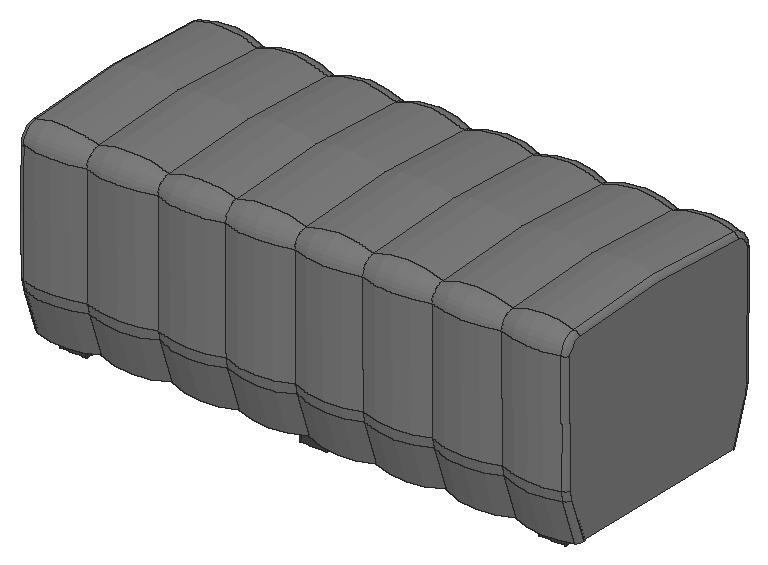
Revit family "Chair-Soft_Seating-Allermuir-Haven_Bench-HAB100", category Furniture, Revit 2012
Parameters (values of type "HAB100")
  ecoScorecard_data = "http://thesenatorgroup.ecoscorecard.com/product/HAB100"
  ecoScorecard Product Page = "http://products.ecoscorecard.com/allermuir/HAB100?action=html"
  Width = 0"
  Weight = 0.0 lbf
  Upholstered Seat = "No"
  Upholstered Back = "No"
  URL = "http://www.allermuir.net/Default.aspx"
  Subcategory = "Soft Seating"  # constant formula
  Stacks = no
  Specifications URL = ""
  Seat or Top = Fabric - Allermuir - Silcoates
  Product Page URL = "http://www.allermuir.net/Products.aspx?RangeId=495"
  Product Line = "Haven Bench"  # constant formula
  Pricing URL = ""
  Plugin Data URL = "http://products.ecoscorecard.com/thesenatorgroup/HAB100"
  Plastic Arms in Black = "No"
  Model = "HAB100"  # constant formula
  Manufacturer Phone - Toll Free = "(888) 887 5806"  # constant formula
  Manufacturer Phone = "(419) 887 5806"  # constant formula
  Manufacturer Fax = "(419) 887 5805"  # constant formula
  Manufacturer Email = "mailto:contact@allermuir-na.com"
  Manufacturer Address = "1630 Holland Road, Maumee, Ohio 43537 "  # constant formula
  Manufacturer = "Allermuir"  # constant formula
  LEED Stats URL = ""
  Height = 0"
  Fabric Spec Sheets = "http://www.allermuir.net/Services/File.ashx?Type=B&Id=51"
  Description = ""
  Depth = 0"
  Color Availability = "See price list for material options"  # constant formula
  CAD Blocks URL = ""
  Brochure URL = ""
  Base = Plastic - Allermuir - Black
  Assembly Code = "E2020200"
  95 CSI = "12510"  # constant formula
  04 CSI = "12 51 00"  # constant formula
Reference planes (in)
  plane 1 "Center Front/Back": y = 0
  plane 2: z = 0
  plane 3 "Center Left/Right": x = 0
  plane 4: z = 18.35938
  plane 5: y = 10.69473
  plane 6: y = -10.69473
  plane 7: x = -23.59363
  plane 8: x = 23.59363
Dimensions and locks (in)
  plane 4 to level = 18 23/64"
  equal spacing: plane 5, plane 1 "Center Front/Back", plane 6
  plane 5 to plane 6 = 21.38946"
  equal spacing: plane 7, plane 3 "Center Left/Right", plane 8
  plane 7 to plane 8 = 47.18726"
  aligned and locked: plane 3 "Center Left/Right" to nested 1
  aligned and locked: plane 1 "Center Front/Back" to nested 1
  aligned and locked: plane 4 to nested 1
Nested families (in)
  nested 1: "HAB100" at (0, 0, 0), type "HAB100"
Definition of nested family "HAB100"
  Parameters (values of type "HAB100")
    URL = "http://www.allermuir.net/Default.aspx"
    Side Stand = none
    Seat = Fabric - Allermuir - Silcoates
    Model = ""
    Manufacturer = "Allermuir"  # constant formula
    Stand = Plastic - Allermuir - Black
    Description = ""
    Assembly Code = "E2020200"
  Reference planes (in)
    plane 1 "Center Front/Back": y = 0
    plane 2: z = 0
    plane 3 "Center Left/Right": x = 0
    plane 4: y = 10.69473
    plane 5: y = -10.69473
    plane 6: z = 18.35938
    plane 7: x = -23.59363
    plane 8: x = 23.59363
  Forms (in)
    Sweep 1, solid, material "Fabric - Allermuir - Silcoates" <- "Seat"
      path origin (0, 0, 0) x (0, 1, 0) y (0, 0, 1)
        loop
          arc (8.814, 0.8031) -> (9.50813, 2.70296) -> (10.13399, 4.6264) r 56.64354
          arc (10.13399, 4.6264) -> (10.25253, 5.09355) -> (10.32555, 5.56994) r 5
          arc (10.32555, 5.56994) -> (10.61327, 10.83959) -> (10.38059, 16.11195) r 53.52058
          arc (10.38059, 16.11195) -> (9.81768, 17.32528) -> (8.61591, 17.91249) r 2
          arc (8.61591, 17.91249) -> (-0.00186, 18.3998) -> (-8.61907, 17.90269) r 75.68169
          arc (-8.61907, 17.90269) -> (-9.8195, 17.31479) -> (-10.38152, 16.10203) r 2
          arc (-10.38152, 16.10203) -> (-10.61324, 10.83461) -> (-10.32555, 5.56994) r 53.52058
          arc (-10.32555, 5.56994) -> (-10.25253, 5.09355) -> (-10.13399, 4.6264) r 5
          arc (-10.13399, 4.6264) -> (-9.50813, 2.70296) -> (-8.814, 0.8031) r 56.64354
      profile origin (0, -0.00186, 18.3998) x (0, 0.000569, -1) y (1, 0, 0)
        loop
          arc (0.41163, -23.15625) -> (0.57317, -23.42708) -> (0.84094, -23.59363) r 0.66797
          line (0.84094, -23.59363) -> (0.84094, 23.59363)
          arc (0.84094, 23.59363) -> (0.5612, 23.42663) -> (0.39399, 23.14702) r 0.66669
          arc (0.39399, 23.14702) -> (0.05221, 20.48428) -> (0.58881, 17.85386) r 8.19934
          arc (0.58881, 17.85386) -> (0.04726, 14.82271) -> (0.66197, 11.80553) r 8.19934
          arc (0.66197, 11.80553) -> (0.04855, 8.86509) -> (0.53527, 5.90105) r 8.19934
          arc (0.53527, 5.90105) -> (0.04851, 2.93886) -> (0.66056, 0) r 8.19934
          arc (0.66056, 0) -> (0.0484, -2.944) -> (0.53877, -5.91072) r 8.19934
          arc (0.53877, -5.91072) -> (0.04835, -8.87456) -> (0.65837, -11.81611) r 8.19934
          arc (0.65837, -11.81611) -> (0.04738, -14.81576) -> (0.5792, -17.83044) r 8.19934
          arc (0.5792, -17.83044) -> (0.05072, -20.47935) -> (0.41163, -23.15625) r 8.19934
    Extrusion 2, solid, material "Fabric - Allermuir - Silcoates" <- "Seat"
      sketch origin (0, 0, 0) x (0, 1, 0) y (0, 0, 1)
        loop
          arc (8.52064, 17.07696) -> (-0.00138, 17.55886) -> (-8.52284, 17.06727) r 74.84075
          arc (-8.52284, 17.06727) -> (-9.21852, 16.72657) -> (-9.54423, 16.02374) r 1.15906
          arc (-9.54423, 16.02374) -> (-9.77231, 10.83908) -> (-9.48914, 5.65713) r 52.67964
          arc (-9.48914, 5.65713) -> (-9.4284, 5.26086) -> (-9.3298, 4.87228) r 4.15906
          arc (-9.3298, 4.87228) -> (-8.72639, 3.01557) -> (-8.05841, 1.1811) r 55.8026
          line (-8.05841, 1.1811) -> (8.05841, 1.1811)
          arc (8.05841, 1.1811) -> (8.72639, 3.01557) -> (9.3298, 4.87228) r 55.8026
          arc (9.3298, 4.87228) -> (9.4284, 5.26086) -> (9.48914, 5.65713) r 4.15906
          arc (9.48914, 5.65713) -> (9.77233, 10.84398) -> (9.54332, 16.03349) r 52.67964
          arc (9.54332, 16.03349) -> (9.21709, 16.73666) -> (8.52064, 17.07696) r 1.15906
      from -23.59363 to 23.59363
  Cuts and joins
    joined: Sweep 1, Extrusion 2
  Lines and regions (in)
    symbolic lines, style "Sofa"
      curve 1: line (-23.59363, 9.77529, 0) -> (-23.59363, -9.77749, 0)
      curve 2: arc (-17.83044, 10.03089, 0) -> (-20.48381, 10.56039, 0) -> (-23.16545, 10.20049, 0) r 8.22693
      curve 3: arc (-23.16545, 10.20049, 0) -> (-23.28758, 10.14763, 0) -> (-23.39525, 10.06941, 0) r 0.60664
      curve 4: arc (-23.39525, 10.06941, 0) -> (-23.51283, 9.93475, 0) -> (-23.59363, 9.77529, 0) r 0.72042
      curve 5: line (-17.83044, 10.03089, 0) -> (-17.83044, -10.0331, 0)
      curve 6: arc (-17.83044, 10.03089, 0) -> (-14.81641, 10.56395, 0) -> (-11.81611, 9.95832, 0) r 8.22693
      curve 7: line (-11.81611, 9.95832, 0) -> (-11.81611, -9.96052, 0)
      curve 8: arc (-5.91072, 10.07129, 0) -> (-8.8739, 10.56304, 0) -> (-11.81611, 9.95832, 0) r 8.22693
      curve 9: arc (-6.01965, 10.03089, 0) -> (-3.00275, 10.56391, 0) -> (0, 9.95615, 0) r 8.22693
      curve 10: arc (5.90105, 10.07479, 0) -> (2.93952, 10.56289, 0) -> (0, 9.95615, 0) r 8.22693
      curve 11: arc (5.78245, 10.03089, 0) -> (8.80121, 10.56389, 0) -> (11.80553, 9.95475, 0) r 8.22693
      curve 12: arc (17.82953, 10.03055, 0) -> (14.81035, 10.5639, 0) -> (11.80553, 9.95475, 0) r 8.22693
      curve 13: arc (17.82953, 10.03055, 0) -> (20.48332, 10.56038, 0) -> (23.16545, 10.20049, 0) r 8.22693
      curve 14: arc (23.16545, 10.20049, 0) -> (23.28758, 10.14763, 0) -> (23.39525, 10.06941, 0) r 0.60664
      curve 15: arc (23.39525, 10.06941, 0) -> (23.51283, 9.93475, 0) -> (23.59363, 9.77529, 0) r 0.72042
      curve 16: line (23.59363, 9.77529, 0) -> (23.59363, -9.77749, 0)
      curve 17: line (-5.91072, 10.07129, 0) -> (-5.91072, -10.07349, 0)
      curve 18: line (0, 9.95615, 0) -> (0, -9.95836, 0)
      curve 19: line (5.90105, -10.07699, 0) -> (5.90105, 10.07479, 0)
      curve 20: line (11.80553, -9.95696, 0) -> (11.80553, 9.95475, 0)
      curve 21: line (17.85386, -10.02518, 0) -> (17.85386, 9.94831, 0)
      curve 22: arc (-17.83044, -10.0331, 0) -> (-20.48381, -10.5626, 0) -> (-23.16545, -10.2027, 0) r 8.22693
      curve 23: arc (-23.16545, -10.2027, 0) -> (-23.28758, -10.14983, 0) -> (-23.39525, -10.07161, 0) r 0.60664
      curve 24: arc (-23.39525, -10.07161, 0) -> (-23.51283, -9.93695, 0) -> (-23.59363, -9.77749, 0) r 0.72042
      curve 25: arc (-17.83044, -10.0331, 0) -> (-14.81641, -10.56615, 0) -> (-11.81611, -9.96052, 0) r 8.22693
      curve 26: arc (-5.91072, -10.07349, 0) -> (-8.8739, -10.56525, 0) -> (-11.81611, -9.96052, 0) r 8.22693
      curve 27: arc (-5.91072, -10.07349, 0) -> (-2.94466, -10.56519, 0) -> (0, -9.95836, 0) r 8.22693
      curve 28: arc (5.90105, -10.07699, 0) -> (2.93952, -10.56509, 0) -> (0, -9.95836, 0) r 8.22693
      curve 29: arc (5.78245, -10.0331, 0) -> (8.80121, -10.56609, 0) -> (11.80553, -9.95696, 0) r 8.22693
      curve 30: arc (17.82953, -10.03275, 0) -> (14.81035, -10.5661, 0) -> (11.80553, -9.95696, 0) r 8.22693
      curve 31: arc (17.82953, -10.03275, 0) -> (20.48332, -10.56258, 0) -> (23.16545, -10.2027, 0) r 8.22693
      curve 32: arc (23.16545, -10.2027, 0) -> (23.28758, -10.14983, 0) -> (23.39525, -10.07161, 0) r 0.60664
      curve 33: arc (23.39525, -10.07161, 0) -> (23.51283, -9.93695, 0) -> (23.59363, -9.77749, 0) r 0.72042
  Dimensions and locks (in)
    plane 4 to plane 5 = 21.38946"
    plane 6 to level = 18 23/64"
    equal spacing: plane 7, plane 3 "Center Left/Right", plane 8
    aligned and locked: Extrusion 2 to Sweep 1  (x2)
    aligned and locked: plane 8 to Sweep 1 sketch curve
  Automatic sketch dimensions
    Sweep 1 sketch curve to plane 3 "Center Left/Right" = 0"
    Sweep 1 sketch curve to profile plane = 0.39399"
    Sweep 1 sketch curve to Sweep 1 sketch curve = 0"  (x14)
    Sweep 1 sketch curve to profile plane = 0.41163"
    Sweep 1 sketch curve to profile plane = 0.53527"
    Sweep 1 sketch curve to profile plane = 0.53877"
    Sweep 1 sketch curve to profile plane = 0.5792"
    Sweep 1 sketch curve to profile plane = 0.58881"
    Sweep 1 sketch curve to profile plane = 0.65837"
    Sweep 1 sketch curve to profile plane = 0.66056"
    Sweep 1 sketch curve to profile plane = 0.66197"
    Sweep 1 sketch curve to Sweep 1 sketch curve = 0.44695"
    Sweep 1 sketch curve to Sweep 1 sketch curve = 0.63845"
    Sweep 1 sketch curve to Sweep 1 sketch curve = 0.63824"
    Sweep 1 sketch curve to plane 3 "Center Left/Right" = 3.1129"
    Sweep 1 sketch curve to Sweep 1 sketch curve = 7.70723"
    Sweep 1 sketch curve to Sweep 1 sketch curve = 7.66681"
    Sweep 1 sketch curve to Sweep 1 sketch curve = 5.59563"
    Sweep 1 sketch curve to Sweep 1 sketch curve = 6.21516"
    Sweep 1 sketch curve to Sweep 1 sketch curve = 5.8135"
    plane 3 "Center Left/Right" to Sweep 1 sketch curve = 3.1129"
    Sweep 1 sketch curve to Sweep 1 sketch curve = 5.5763"
    Sweep 1 sketch curve to Sweep 1 sketch curve = 6.23267"
    Sweep 1 sketch curve to Sweep 1 sketch curve = 5.86399"
    plane 6 to Extrusion 2 sketch curve = 2.82908"
    plane 5 to Extrusion 2 sketch curve = 33.33943"
    Extrusion 2 sketch curve to Extrusion 2 sketch curve = 1.12758"
    Extrusion 2 sketch curve to plane 5 = 1.1505"
    Extrusion 2 sketch curve to Extrusion 2 sketch curve = 0"  (x8)
    Extrusion 2 sketch curve to plane 5 = 1.20559"
    Extrusion 2 sketch curve to Extrusion 2 sketch curve = 0.15934"  (x2)
    Extrusion 2 sketch curve to Extrusion 2 sketch curve = 1.02139"
    Extrusion 2 sketch curve to Extrusion 2 sketch curve = 1.15402"
    level to Extrusion 2 sketch curve = 1.1811"
    Extrusion 2 sketch curve to plane 5 = 2.63632"
    Extrusion 2 sketch curve to Extrusion 2 sketch curve = 4.13664"
    Extrusion 2 sketch curve to plane 1 "Center Front/Back" = 0.04119"
    Extrusion 2 sketch curve to plane 4 = 5.34224"
    Extrusion 2 sketch curve to plane 4 = 2.63632"
    Extrusion 2 sketch curve to plane 4 = 2.30542"
    Extrusion 2 sketch curve to Extrusion 2 sketch curve = 0.13132"
    Extrusion 2 sketch curve to plane 4 = 1.36493"
    Extrusion 2 sketch curve to plane 4 = 1.15141"
    level to Extrusion 2 sketch curve = 11.11903"
    plane 6 to Sweep 1 sketch curve = 2.82908"  (x2)
    plane 5 to Sweep 1 sketch curve = 33.33943"
    Sweep 1 sketch curve to Sweep 1 sketch curve = 1.12758"
    Sweep 1 sketch curve to plane 5 = 0.31321"
    Sweep 1 sketch curve to plane 5 = 0.36918"
    Sweep 1 sketch curve to plane 5 = 0.56074"
    Sweep 1 sketch curve to plane 6 = 0.45669"
    Sweep 1 sketch curve to plane 5 = 2.07566"
    Sweep 1 sketch curve to Sweep 1 sketch curve = 0.22886"
    Sweep 1 sketch curve to Sweep 1 sketch curve = 4.97305"
    Sweep 1 sketch curve to plane 1 "Center Front/Back" = 0.04119"
    Sweep 1 sketch curve to plane 4 = 5.34224"
    Sweep 1 sketch curve to plane 4 = 2.30542"
    Sweep 1 sketch curve to plane 6 = 0.44689"
    Sweep 1 sketch curve to Sweep 1 sketch curve = 0.2266"
    level to Sweep 1 sketch curve = 0.8031"  (x2)
    Sweep 1 sketch curve to plane 4 = 1.88073"
    Sweep 1 sketch curve to plane 4 = 0.56074"
    Sweep 1 sketch curve to Sweep 1 sketch curve = 0.19156"
    Sweep 1 sketch curve to Sweep 1 sketch curve = 1.31999"
    curve 1 to plane 7 = 0"
    curve 28 to plane 3 "Center Left/Right" = 0"
    curve 16 to plane 8 = 0"
    plane 7 to curve 23 = 0.19838"
    plane 7 to curve 4 = 0.19838"
    curve 23 to curve 22 = 0.22979"
    curve 3 to curve 3 = 0.22979"
    curve 2 to curve 3 = 0"
    curve 23 to curve 22 = 0"
    plane 7 to curve 3 = 0.60664"
    plane 7 to curve 23 = 0.60664"
    curve 3 to curve 4 = 0.07142"
    curve 23 to curve 24 = 0.07142"
    plane 7 to curve 2 = 2.84842"
    plane 7 to curve 22 = 2.84842"
    curve 5 to plane 4 = 0.66384"
    curve 4 to curve 5 = 5.08513"
    curve 6 to plane 1 "Center Front/Back" = 2.33762"
    curve 2 to curve 6 = 5.82954"
    plane 1 "Center Front/Back" to curve 25 = 2.33982"
    curve 25 to curve 6 = 0"
    curve 26 to plane 5 = 0.73421"
    curve 5 to curve 26 = 6.01433"
    curve 8 to plane 1 "Center Front/Back" = 2.33762"
    curve 6 to curve 8 = 6.19912"
    curve 26 to curve 8 = 0"
    curve 9 to plane 4 = 0.66384"
    curve 8 to curve 9 = 5.79646"
    curve 27 to plane 5 = 0.62124"
    curve 9 to curve 8 = 0.10894"
    plane 1 "Center Front/Back" to curve 27 = 2.33982"
    curve 27 to plane 3 "Center Left/Right" = 3.10488"
    curve 9 to plane 1 "Center Front/Back" = 2.33762"
    curve 9 to plane 3 "Center Left/Right" = 3.10488"
    plane 3 "Center Left/Right" to curve 10 = 3.10488"
    plane 3 "Center Left/Right" to curve 28 = 3.10488"
    curve 29 to plane 5 = 0.66163"
    plane 3 "Center Left/Right" to curve 29 = 5.78245"
    curve 11 to plane 4 = 0.66384"
    plane 3 "Center Left/Right" to curve 11 = 5.78245"
    curve 29 to curve 19 = 0.1186"
    plane 1 "Center Front/Back" to curve 29 = 2.33982"
    curve 28 to curve 29 = 5.59233"
    curve 11 to plane 1 "Center Front/Back" = 2.33762"
    curve 11 to curve 29 = 0"
    curve 20 to plane 5 = 0.73778"
    plane 1 "Center Front/Back" to curve 30 = 2.33982"
    curve 29 to curve 30 = 6.21663"
    curve 12 to plane 1 "Center Front/Back" = 2.33762"
    curve 12 to curve 30 = 0"
    curve 31 to plane 5 = 0.66198"
    curve 13 to plane 4 = 0.66418"
    curve 31 to curve 21 = 0.02433"
    plane 8 to curve 13 = 2.84842"
    plane 8 to curve 31 = 2.84842"
    plane 8 to curve 33 = 0.67806"
    plane 8 to curve 15 = 0.67806"
    curve 15 to curve 14 = 0.07142"
    curve 33 to curve 32 = 0.07142"
    plane 8 to curve 32 = 0.42818"
    curve 31 to curve 32 = 0"
    plane 8 to curve 14 = 0.42818"
    curve 13 to curve 14 = 0"
    plane 8 to curve 33 = 0.19838"
    plane 8 to curve 14 = 0.19838"
    curve 32 to curve 31 = 0.03886"
    curve 23 to curve 25 = 0.03851"
    curve 19 to curve 29 = 0.0439"
    curve 31 to curve 21 = 0.00757"
    curve 23 to curve 1 = 0.29412"
    curve 33 to curve 33 = 0.29412"
    curve 10 to plane 1 "Center Front/Back" = 2.33762"
    curve 2 to plane 1 "Center Front/Back" = 2.33762"
    curve 13 to plane 1 "Center Front/Back" = 2.33762"
    curve 4 to curve 3 = 0.0888"
    curve 15 to curve 14 = 0.0888"
    curve 21 to curve 13 = 0.08224"
  Nested families (in)
    nested 1: "Leg" at (20.5976, -6.6167, 0), type "PSM102"
    nested 2: "Leg" at (-20.5976, -6.6167, 0) x (-1, 0, 0) z (0, 0, 1), type "PSM102"
    nested 3: "Leg" at (20.5976, 6.6167, 0), type "PSM102"
    nested 4: "Leg" at (-20.5976, 6.6167, 0) x (-1, 0, 0) z (0, 0, 1), type "PSM102"
    nested 5: "Leg" at (-0.0274, 6.6167, 0), type "PSM102"
    nested 6: "Leg" at (0.00385, -6.6167, 0), type "PSM102"
  Definition of nested family "Leg"
    Parameters (values of type "PSM102")
      URL = ""
      Stand = none
      Stacks = no
      Model = ""
      Manufacturer = ""
      Description = ""
      Assembly Code = "E2020200"
    Reference planes (in)
      plane 1 "Center Front/Back": y = 0
      plane 2: z = 0
      plane 3 "Center Left/Right": x = 0
      plane 4: z = 1.1811
      plane 5: through (1.68179, 60.03512, 48) normal (1, -0.0075, 0)
      plane 6: through (-60.04651, 1.66009, 48) normal (0.0075, 1, 0)
      plane 7: through (-0.75471, 60.03512, 48) normal (1, -0.0075, 0)
      plane 8: through (-60.04651, -0.77642, 48) normal (0.0075, 1, 0)
    Forms (in)
      Blend 1, solid, material <- "Stand"
        base sketch origin (0, 0, 0) x (1, 0, 0) y (0, 1, 0)
          loop
            arc (-1.05046, 1.17679) -> (-1.12804, 1.14534) -> (-1.16066, 1.06825) r 0.10938
            line (-1.16066, 1.06825) -> (-1.17679, -1.07224)
            arc (-1.17679, -1.07224) -> (-1.14534, -1.14982) -> (-1.06824, -1.18244) r 0.10938
            line (-1.06824, -1.18244) -> (1.07224, -1.19857)
            arc (1.07224, -1.19857) -> (1.14982, -1.16712) -> (1.18244, -1.09003) r 0.10938
            line (1.18244, -1.09003) -> (1.19857, 1.05046)
            arc (1.19857, 1.05046) -> (1.16712, 1.12804) -> (1.09003, 1.16066) r 0.10938
            line (1.09003, 1.16066) -> (-1.05046, 1.17679)
        top sketch origin (0, 0, 0) x (1, 0, 0) y (0, 1, 0)
          loop
            arc (1.23744, 1.08874) -> (1.20599, 1.16632) -> (1.12889, 1.19894) r 0.10938
            line (1.12889, 1.19894) -> (-1.08874, 1.21566)
            arc (-1.08874, 1.21566) -> (-1.16632, 1.18421) -> (-1.19894, 1.10711) r 0.10938
            line (-1.19894, 1.10711) -> (-1.21566, -1.11052)
            arc (-1.21566, -1.11052) -> (-1.1842, -1.1881) -> (-1.10711, -1.22072) r 0.10938
            line (-1.10711, -1.22072) -> (1.11052, -1.23744)
            arc (1.11052, -1.23744) -> (1.1881, -1.20599) -> (1.22072, -1.12889) r 0.10938
            line (1.22072, -1.12889) -> (1.23744, 1.08874)
        from 0 to 1.1811
    Dimensions and locks (in)
      locked: plane 7 to plane 5 at 2.43644
      locked: plane 6 to plane 8 at 2.43645
      locked: plane 4 to level at 1.1811
